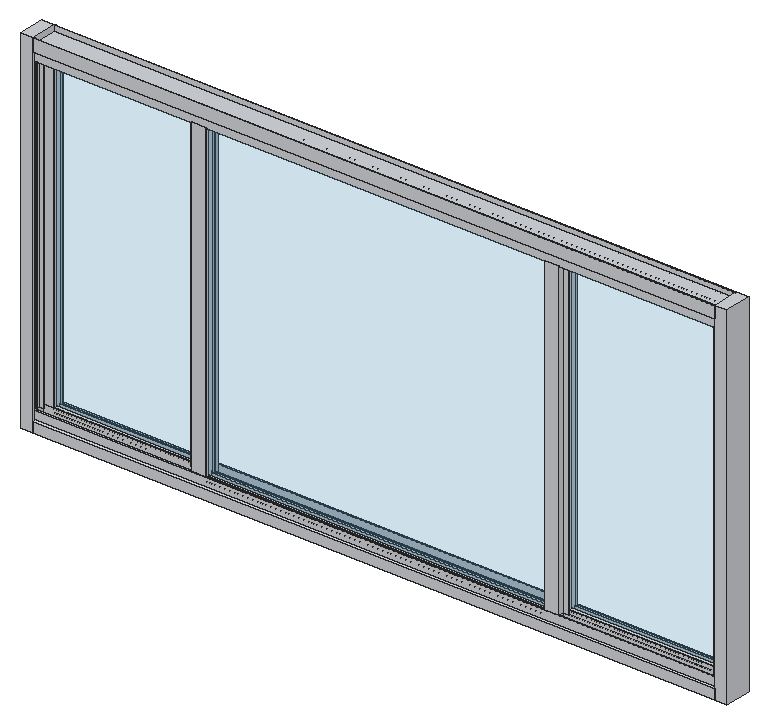
Revit family "MT-VMS_DB-SG_XOX", category Windows, host Wall, Revit 2017 (continued)
Definition of nested family "VMS_DB-SG_XOX_101mm"
  Definition of nested family "AS1C CAVITY MAIN FRAME"
    Lines and regions (mm)
      model lines, in view "Ref. Level"
        curve 100: line (-14.6, -60.059, 0) -> (-12.278, -60.682, 0)
        curve 101: line (-11.9, -60.392, 0) -> (-11.9, -59.136, 0)
        curve 102: line (-10.966, -58.138, 0) -> (-9.974, -58.072, 0)
        curve 103: line (-9.572, -58.608, 0) -> (-10.388, -60.85, 0)
        curve 104: line (-10.184, -61.243, 0) -> (-4.084, -62.877, 0)
        curve 105: line (-3.605, -62.354, 0) -> (-4.976, -58.587, 0)
        curve 106: line (-4.496, -58.064, 0) -> (-2.4, -58.625, 0)
        curve 107: line (-2.4, -58.625, 0) -> (-2.4, -60.2, 0)
        curve 108: line (-2.4, -60.2, 0) -> (0, -60.2, 0)
        curve 109: line (0, -60.2, 0) -> (0, -101.6, 0)
        curve 110: line (0, -101.6, 0) -> (-44.4, -101.6, 0)
        curve 111: line (-44.4, -101.6, 0) -> (-44.4, -96.4, 0)
        curve 112: line (-44.148, -96.207, 0) -> (-42.7, -96.595, 0)
        curve 113: line (-42.7, -96.595, 0) -> (-42.7, -93.6, 0)
        curve 114: line (-41.2, -93.6, 0) -> (-41.2, -98.3, 0)
        curve 115: line (-39.7, -99.8, 0) -> (-3.8, -99.8, 0)
        curve 116: line (-2.3, -98.3, 0) -> (-2.3, -93.15, 0)
        curve 117: line (-2.7, -92.75, 0) -> (-6.1, -92.75, 0)
        curve 118: line (-7.3, -91.55, 0) -> (-7.3, -91.265, 0)
        curve 119: line (-4.801, -91.049, 0) -> (-4.45, -91.4, 0)
        curve 120: line (-4.45, -91.4, 0) -> (-4.099, -91.049, 0)
        curve 121: line (-2.764, -90.278, 0) -> (-2.285, -90.15, 0)
        curve 122: line (-2.285, -90.15, 0) -> (-2.413, -89.671, 0)
        curve 123: line (-2.413, -88.129, 0) -> (-2.285, -87.65, 0)
        curve 124: line (-2.285, -87.65, 0) -> (-2.764, -87.522, 0)
        curve 125: line (-4.099, -86.751, 0) -> (-4.45, -86.4, 0)
        curve 126: line (-4.45, -86.4, 0) -> (-4.801, -86.751, 0)
        curve 127: line (-7.3, -86.535, 0) -> (-7.3, -86.25, 0)
        curve 128: line (-6.1, -85.05, 0) -> (-2.5, -85.05, 0)
        curve 129: line (-2.1, -84.65, 0) -> (-2.1, -80.4, 0)
        curve 130: line (-2.1, -80.4, 0) -> (-2.4, -80.4, 0)
        curve 131: line (-2.4, -80.4, 0) -> (-2.4, -67.3, 0)
        curve 132: line (-2.4, -67.3, 0) -> (-2.1, -67.3, 0)
        curve 133: line (-2.1, -67.3, 0) -> (-2.1, -66.37, 0)
        curve 134: line (-3.36, -64.728, 0) -> (-19.936, -60.286, 0)
        curve 135: line (-20.9, -59.03, 0) -> (-20.9, -50.8, 0)
        curve 136: line (-20.9, -50.8, 0) -> (-20.9, -42.57, 0)
        curve 137: line (-19.936, -41.314, 0) -> (-3.36, -36.872, 0)
        curve 138: line (-2.1, -35.23, 0) -> (-2.1, -34.3, 0)
        curve 139: line (-2.1, -34.3, 0) -> (-2.4, -34.3, 0)
        curve 140: line (-2.4, -34.3, 0) -> (-2.4, -21.2, 0)
        curve 141: line (-2.4, -21.2, 0) -> (-2.1, -21.2, 0)
        curve 142: line (-2.1, -21.2, 0) -> (-2.1, -17.35, 0)
        curve 143: line (-2.9, -16.55, 0) -> (-6.1, -16.55, 0)
        curve 144: line (-7.3, -15.35, 0) -> (-7.3, -15.065, 0)
        curve 145: line (-4.801, -14.849, 0) -> (-4.45, -15.2, 0)
        curve 146: line (-4.45, -15.2, 0) -> (-4.099, -14.849, 0)
        curve 147: line (-2.764, -14.078, 0) -> (-2.285, -13.95, 0)
        curve 148: line (-2.285, -13.95, 0) -> (-2.413, -13.471, 0)
        curve 149: line (-2.413, -11.929, 0) -> (-2.285, -11.45, 0)
        curve 150: line (-2.285, -11.45, 0) -> (-2.764, -11.322, 0)
        curve 151: arc (-2.764, -11.322, 0) -> (-2.882, -11.273, 0) -> (-2.984, -11.197, 0) r 0.5
  Definition of nested family "VMS_VM8_HEAD DETAIL_FINE"
    Reference planes
      plane 1 "Center (Front/Back)": y = 0
      plane 2: z = 0
      plane 3 "Center (Left/Right)": x = 0
    Lines and regions (mm)
      model lines, in view "Ref. Level"
        curve 1: arc (50, -27.1, 0) -> (49.414, -25.686, 0) -> (48, -25.1, 0) r 2
        curve 2: arc (3.8, -25.1, 0) -> (2.386, -25.686, 0) -> (1.8, -27.1, 0) r 2
        curve 3: arc (1.8, -41.8, 0) -> (2.034, -42.366, 0) -> (2.6, -42.6, 0) r 0.8
        curve 4: arc (8.71, -42.6, 0) -> (8.973, -42.444, 0) -> (8.963, -42.139, 0) r 0.3
        curve 5: arc (8.963, -42.139, 0) -> (8.438, -39.576, 0) -> (9.754, -37.315, 0) r 3.67
        curve 6: arc (9.754, -37.315, 0) -> (11.002, -37.382, 0) -> (11.067, -38.629, 0) r 0.934
        curve 7: arc (11.067, -38.629, 0) -> (10.819, -39.017, 0) -> (10.661, -39.448, 0) r 2.1
        curve 8: arc (10.661, -40.452, 0) -> (10.881, -41, 0) -> (11.246, -41.465, 0) r 2.1
        curve 9: arc (12.115, -41.967, 0) -> (12.7, -42.05, 0) -> (13.285, -41.967, 0) r 2.1
        curve 10: arc (14.154, -41.465, 0) -> (14.519, -41, 0) -> (14.739, -40.452, 0) r 2.1
        curve 11: arc (14.739, -39.448, 0) -> (14.581, -39.017, 0) -> (14.333, -38.629, 0) r 2.1
        curve 12: arc (14.333, -38.629, 0) -> (14.398, -37.382, 0) -> (15.646, -37.315, 0) r 0.934
        curve 13: arc (15.646, -37.315, 0) -> (16.962, -39.576, 0) -> (16.437, -42.139, 0) r 3.67
        curve 14: arc (16.437, -42.139, 0) -> (16.427, -42.444, 0) -> (16.69, -42.6, 0) r 0.3
        curve 15: arc (19.8, -42.6, 0) -> (20.012, -42.688, 0) -> (20.1, -42.9, 0) r 0.3
        curve 16: arc (20.1, -67.7, 0) -> (20.012, -67.912, 0) -> (19.8, -68, 0) r 0.3
        curve 17: arc (18.6, -68, 0) -> (18.388, -67.912, 0) -> (18.3, -67.7, 0) r 0.3
        curve 18: arc (0.5, -44.4, 0) -> (0.146, -44.254, 0) -> (0, -43.9, 0) r 0.5
        curve 19: arc (0, -0.5, 0) -> (0.146, -0.146, 0) -> (0.5, 0, 0) r 0.5
        curve 20: arc (5.2, 0, 0) -> (5.359, -0.078, 0) -> (5.393, -0.252, 0) r 0.2
        curve 21: arc (8, -1.7, 0) -> (8.75, -2.45, 0) -> (8, -3.2, 0) r 0.75
        curve 22: arc (2.6, -3.2, 0) -> (2.034, -3.434, 0) -> (1.8, -4, 0) r 0.8
        curve 23: arc (1.8, -23, 0) -> (1.888, -23.212, 0) -> (2.1, -23.3, 0) r 0.3
        curve 24: arc (49.241, -23.3, 0) -> (49.391, -23.26, 0) -> (49.501, -23.15, 0) r 0.3
        curve 25: arc (49.501, -23.15, 0) -> (49.761, -23, 0) -> (50.021, -23.15, 0) r 0.3
        curve 26: arc (50.021, -23.15, 0) -> (50.28, -23.3, 0) -> (50.54, -23.15, 0) r 0.3
        curve 27: arc (50.54, -23.15, 0) -> (50.8, -23, 0) -> (51.06, -23.15, 0) r 0.3
        curve 28: arc (51.06, -23.15, 0) -> (51.32, -23.3, 0) -> (51.579, -23.15, 0) r 0.3
        curve 29: arc (51.579, -23.15, 0) -> (51.839, -23, 0) -> (52.099, -23.15, 0) r 0.3
        curve 30: arc (52.099, -23.15, 0) -> (52.209, -23.26, 0) -> (52.359, -23.3, 0) r 0.3
        curve 31: arc (99.5, -23.3, 0) -> (99.712, -23.212, 0) -> (99.8, -23, 0) r 0.3
        curve 32: arc (99.8, -4, 0) -> (99.566, -3.434, 0) -> (99, -3.2, 0) r 0.8
        curve 33: arc (93.6, -3.2, 0) -> (92.85, -2.45, 0) -> (93.6, -1.7, 0) r 0.75
        curve 34: arc (96.207, -0.252, 0) -> (96.241, -0.078, 0) -> (96.4, 0, 0) r 0.2
        curve 35: arc (101.1, 0, 0) -> (101.454, -0.146, 0) -> (101.6, -0.5, 0) r 0.5
        curve 36: arc (101.6, -43.9, 0) -> (101.454, -44.254, 0) -> (101.1, -44.4, 0) r 0.5
        curve 37: arc (83.3, -67.7, 0) -> (83.212, -67.912, 0) -> (83, -68, 0) r 0.3
        curve 38: arc (81.8, -68, 0) -> (81.588, -67.912, 0) -> (81.5, -67.7, 0) r 0.3
        curve 39: arc (81.5, -42.9, 0) -> (81.588, -42.688, 0) -> (81.8, -42.6, 0) r 0.3
        curve 40: arc (84.91, -42.6, 0) -> (85.173, -42.444, 0) -> (85.163, -42.139, 0) r 0.3
        curve 41: arc (85.163, -42.139, 0) -> (84.638, -39.576, 0) -> (85.954, -37.315, 0) r 3.67
        curve 42: arc (85.954, -37.315, 0) -> (87.202, -37.382, 0) -> (87.267, -38.629, 0) r 0.934
        curve 43: arc (87.267, -38.629, 0) -> (87.019, -39.017, 0) -> (86.861, -39.448, 0) r 2.1
        curve 44: arc (86.861, -40.452, 0) -> (87.081, -41, 0) -> (87.446, -41.465, 0) r 2.1
        curve 45: arc (88.315, -41.967, 0) -> (88.9, -42.05, 0) -> (89.485, -41.967, 0) r 2.1
        curve 46: arc (90.354, -41.465, 0) -> (90.719, -41, 0) -> (90.939, -40.452, 0) r 2.1
        curve 47: arc (90.939, -39.448, 0) -> (90.781, -39.017, 0) -> (90.533, -38.629, 0) r 2.1
        curve 48: arc (90.533, -38.629, 0) -> (90.598, -37.382, 0) -> (91.846, -37.315, 0) r 0.934
        curve 49: arc (91.846, -37.315, 0) -> (93.162, -39.576, 0) -> (92.637, -42.139, 0) r 3.67
        curve 50: arc (92.637, -42.139, 0) -> (92.627, -42.444, 0) -> (92.89, -42.6, 0) r 0.3
        curve 51: arc (99, -42.6, 0) -> (99.566, -42.366, 0) -> (99.8, -41.8, 0) r 0.8
        curve 52: arc (99.8, -27.1, 0) -> (99.214, -25.686, 0) -> (97.8, -25.1, 0) r 2
        curve 53: arc (53.6, -25.1, 0) -> (52.186, -25.686, 0) -> (51.6, -27.1, 0) r 2
        curve 54: arc (51.6, -67.7, 0) -> (51.512, -67.912, 0) -> (51.3, -68, 0) r 0.3
        curve 55: line (50, -67.7, 0) -> (50, -27.1, 0)
        curve 56: line (48, -25.1, 0) -> (3.8, -25.1, 0)
        curve 57: line (1.8, -27.1, 0) -> (1.8, -41.8, 0)
        curve 58: line (2.6, -42.6, 0) -> (8.71, -42.6, 0)
        curve 59: line (10.608, -39.542, 0) -> (10.2, -39.95, 0)
        curve 60: line (10.2, -39.95, 0) -> (10.608, -40.358, 0)
        curve 61: line (11.301, -41.558, 0) -> (11.45, -42.115, 0)
        curve 62: line (11.45, -42.115, 0) -> (12.007, -41.966, 0)
        curve 63: line (13.393, -41.966, 0) -> (13.95, -42.115, 0)
        curve 64: line (13.95, -42.115, 0) -> (14.099, -41.558, 0)
        curve 65: line (14.792, -40.358, 0) -> (15.2, -39.95, 0)
        curve 66: line (15.2, -39.95, 0) -> (14.792, -39.542, 0)
        curve 67: line (16.69, -42.6, 0) -> (19.8, -42.6, 0)
        curve 68: line (20.1, -42.9, 0) -> (20.1, -67.7, 0)
        curve 69: line (19.8, -68, 0) -> (18.6, -68, 0)
        curve 70: line (18.3, -67.7, 0) -> (18.3, -44.4, 0)
        curve 71: line (18.3, -44.4, 0) -> (0.5, -44.4, 0)
        curve 72: line (0, -43.9, 0) -> (0, -0.5, 0)
        curve 73: line (0.5, 0, 0) -> (5.2, 0, 0)
        curve 74: line (5.393, -0.252, 0) -> (5.005, -1.7, 0)
        curve 75: line (5.005, -1.7, 0) -> (8, -1.7, 0)
        curve 76: line (8, -3.2, 0) -> (2.6, -3.2, 0)
        curve 77: line (1.8, -4, 0) -> (1.8, -23, 0)
        curve 78: line (2.1, -23.3, 0) -> (49.241, -23.3, 0)
        curve 79: line (52.359, -23.3, 0) -> (99.5, -23.3, 0)
        curve 80: line (99.8, -23, 0) -> (99.8, -4, 0)
        curve 81: line (99, -3.2, 0) -> (93.6, -3.2, 0)
        curve 82: line (93.6, -1.7, 0) -> (96.595, -1.7, 0)
        curve 83: line (96.595, -1.7, 0) -> (96.207, -0.252, 0)
        curve 84: line (96.4, 0, 0) -> (101.1, 0, 0)
        curve 85: line (101.6, -0.5, 0) -> (101.6, -43.9, 0)
        curve 86: line (101.1, -44.4, 0) -> (83.3, -44.4, 0)
        curve 87: line (83.3, -44.4, 0) -> (83.3, -67.7, 0)
        curve 88: line (83, -68, 0) -> (81.8, -68, 0)
        curve 89: line (81.5, -67.7, 0) -> (81.5, -42.9, 0)
        curve 90: line (81.8, -42.6, 0) -> (84.91, -42.6, 0)
        curve 91: line (86.808, -39.542, 0) -> (86.4, -39.95, 0)
        curve 92: line (86.4, -39.95, 0) -> (86.808, -40.358, 0)
        curve 93: line (87.501, -41.558, 0) -> (87.65, -42.115, 0)
        curve 94: line (87.65, -42.115, 0) -> (88.207, -41.966, 0)
        curve 95: line (89.593, -41.966, 0) -> (90.15, -42.115, 0)
        curve 96: line (90.15, -42.115, 0) -> (90.299, -41.558, 0)
        curve 97: line (90.992, -40.358, 0) -> (91.4, -39.95, 0)
        curve 98: line (91.4, -39.95, 0) -> (90.992, -39.542, 0)
        curve 99: line (92.89, -42.6, 0) -> (99, -42.6, 0)
        curve 100: line (99.8, -41.8, 0) -> (99.8, -27.1, 0)
        curve 101: line (97.8, -25.1, 0) -> (53.6, -25.1, 0)
        curve 102: line (51.6, -27.1, 0) -> (51.6, -67.7, 0)
        curve 103: line (51.3, -68, 0) -> (50.3, -68, 0)
        curve 104: arc (50.3, -68, 0) -> (50.088, -67.912, 0) -> (50, -67.7, 0) r 0.3
  Definition of nested family "VMS_VM10_BOT DETAIL_FINE"
    Reference planes
      plane 1 "Center (Front/Back)": y = 0
      plane 2: z = 0
      plane 3 "Center (Left/Right)": x = 0
    Lines and regions (mm)
      model lines, in view "Ref. Level"
        curve 1: arc (84.669, 36.544, 0) -> (84.729, 36.675, 0) -> (84.75, 36.817, 0) r 0.5
        curve 2: arc (84.75, 42.2, 0) -> (84.662, 42.412, 0) -> (84.45, 42.5, 0) r 0.3
        curve 3: arc (83.13, 42.5, 0) -> (82.918, 42.412, 0) -> (82.83, 42.2, 0) r 0.3
        curve 4: arc (82.83, 41.74, 0) -> (82.391, 40.679, 0) -> (81.33, 40.24, 0) r 1.5
        curve 5: arc (70.15, 40.24, 0) -> (69.089, 40.679, 0) -> (68.65, 41.74, 0) r 1.5
        curve 6: arc (68.65, 41.97, 0) -> (68.562, 42.182, 0) -> (68.35, 42.27, 0) r 0.3
        curve 7: arc (64.15, 42.27, 0) -> (63.938, 42.182, 0) -> (63.85, 41.97, 0) r 0.3
        curve 8: arc (63.85, 41.74, 0) -> (63.411, 40.679, 0) -> (62.35, 40.24, 0) r 1.5
        curve 9: arc (38.65, 40.24, 0) -> (37.589, 40.679, 0) -> (37.15, 41.74, 0) r 1.5
        curve 10: arc (37.15, 41.97, 0) -> (37.062, 42.182, 0) -> (36.85, 42.27, 0) r 0.3
        curve 11: arc (32.65, 42.27, 0) -> (32.438, 42.182, 0) -> (32.35, 41.97, 0) r 0.3
        curve 12: arc (32.35, 41.74, 0) -> (31.911, 40.679, 0) -> (30.85, 40.24, 0) r 1.5
        curve 13: arc (19.67, 40.24, 0) -> (18.609, 40.679, 0) -> (18.17, 41.74, 0) r 1.5
        curve 14: arc (18.17, 42.2, 0) -> (18.082, 42.412, 0) -> (17.87, 42.5, 0) r 0.3
        curve 15: arc (16.55, 42.5, 0) -> (16.338, 42.412, 0) -> (16.25, 42.2, 0) r 0.3
        curve 16: arc (16.25, 38, 0) -> (15.899, 37.151, 0) -> (15.05, 36.8, 0) r 1.2
        curve 17: arc (14.765, 36.8, 0) -> (13.917, 37.335, 0) -> (14.034, 38.331, 0) r 0.94
        curve 18: arc (14.034, 38.331, 0) -> (14.266, 38.686, 0) -> (14.421, 39.081, 0) r 2.1
        curve 19: arc (14.421, 39.081, 0) -> (14.471, 39.198, 0) -> (14.549, 39.299, 0) r 0.5
        curve 20: arc (14.549, 40.001, 0) -> (14.471, 40.102, 0) -> (14.421, 40.219, 0) r 0.5
        curve 21: arc (14.421, 40.219, 0) -> (14.219, 40.7, 0) -> (13.903, 41.116, 0) r 2.1
        curve 22: arc (13.903, 41.116, 0) -> (13.827, 41.218, 0) -> (13.778, 41.336, 0) r 0.5
        curve 23: arc (13.171, 41.687, 0) -> (13.045, 41.67, 0) -> (12.918, 41.685, 0) r 0.5
        curve 24: arc (12.918, 41.685, 0) -> (12.4, 41.75, 0) -> (11.882, 41.685, 0) r 2.1
        curve 25: arc (11.882, 41.685, 0) -> (11.755, 41.67, 0) -> (11.629, 41.687, 0) r 0.5
        curve 26: arc (11.022, 41.336, 0) -> (10.973, 41.218, 0) -> (10.897, 41.116, 0) r 0.5
        curve 27: arc (10.897, 41.116, 0) -> (10.581, 40.7, 0) -> (10.379, 40.219, 0) r 2.1
        curve 28: arc (10.379, 40.219, 0) -> (10.329, 40.102, 0) -> (10.251, 40.001, 0) r 0.5
        curve 29: arc (10.251, 39.299, 0) -> (10.329, 39.198, 0) -> (10.379, 39.081, 0) r 0.5
        curve 30: arc (10.379, 39.081, 0) -> (10.534, 38.686, 0) -> (10.766, 38.331, 0) r 2.1
        curve 31: arc (10.766, 38.331, 0) -> (10.883, 37.335, 0) -> (10.035, 36.8, 0) r 0.94
        curve 32: arc (9.75, 36.8, 0) -> (8.901, 37.151, 0) -> (8.55, 38, 0) r 1.2
        curve 33: arc (8.55, 41.7, 0) -> (8.316, 42.266, 0) -> (7.75, 42.5, 0) r 0.8
        curve 34: arc (1.8, 42.5, 0) -> (1.446, 42.354, 0) -> (1.3, 42, 0) r 0.5
        curve 35: arc (1.3, 22.335, 0) -> (1.535, 21.911, 0) -> (2.019, 21.885, 0) r 0.5
        curve 36: arc (2.019, 21.885, 0) -> (5.322, 21.516, 0) -> (6.393, 18.369, 0) r 3.1
        curve 37: arc (6.393, 18.369, 0) -> (6.393, 18.133, 0) -> (6.502, 17.923, 0) r 0.5
        curve 38: arc (6.502, 17.923, 0) -> (6.849, 17.341, 0) -> (6.97, 16.674, 0) r 1.9
        curve 39: arc (6.97, 8.83, 0) -> (7.116, 8.476, 0) -> (7.47, 8.33, 0) r 0.5
        curve 40: arc (21.11, 8.33, 0) -> (21.292, 8.392, 0) -> (21.4, 8.552, 0) r 0.3
        curve 41: arc (25.348, 23.288, 0) -> (25.884, 24.09, 0) -> (26.797, 24.4, 0) r 1.5
        curve 42: arc (76.492, 24.4, 0) -> (76.731, 24.46, 0) -> (76.911, 24.627, 0) r 0.5
        curve 43: arc (95.907, -0.048, 0) -> (95.941, -0.222, 0) -> (96.1, -0.3, 0) r 0.2
        curve 44: arc (101, -0.3, 0) -> (101.212, -0.212, 0) -> (101.3, 0, 0) r 0.3
        curve 45: arc (101.3, 43.6, 0) -> (101.154, 43.954, 0) -> (100.8, 44.1, 0) r 0.5
        curve 46: arc (83.3, 44.1, 0) -> (82.946, 44.246, 0) -> (82.8, 44.6, 0) r 0.5
        curve 47: arc (82.8, 66.2, 0) -> (82.654, 66.554, 0) -> (82.3, 66.7, 0) r 0.5
        curve 48: arc (81.5, 66.7, 0) -> (81.288, 66.612, 0) -> (81.2, 66.4, 0) r 0.3
        curve 49: arc (81.2, 42.14, 0) -> (81.112, 41.928, 0) -> (80.9, 41.84, 0) r 0.3
        curve 50: arc (70.55, 41.84, 0) -> (70.338, 41.928, 0) -> (70.25, 42.14, 0) r 0.3
        curve 51: arc (70.25, 42.827, 0) -> (70.139, 43.142, 0) -> (69.854, 43.317, 0) r 0.5
        curve 52: arc (62.646, 43.317, 0) -> (62.361, 43.142, 0) -> (62.25, 42.827, 0) r 0.5
        curve 53: arc (62.25, 42.14, 0) -> (62.162, 41.928, 0) -> (61.95, 41.84, 0) r 0.3
        curve 54: arc (51.6, 41.84, 0) -> (51.388, 41.928, 0) -> (51.3, 42.14, 0) r 0.3
        curve 55: arc (51.3, 66.4, 0) -> (51.212, 66.612, 0) -> (51, 66.7, 0) r 0.3
        curve 56: arc (50, 66.7, 0) -> (49.788, 66.612, 0) -> (49.7, 66.4, 0) r 0.3
        curve 57: arc (49.7, 42.14, 0) -> (49.612, 41.928, 0) -> (49.4, 41.84, 0) r 0.3
        curve 58: arc (39.05, 41.84, 0) -> (38.838, 41.928, 0) -> (38.75, 42.14, 0) r 0.3
        curve 59: arc (38.75, 42.827, 0) -> (38.639, 43.142, 0) -> (38.354, 43.317, 0) r 0.5
        curve 60: arc (31.146, 43.317, 0) -> (30.861, 43.142, 0) -> (30.75, 42.827, 0) r 0.5
        curve 61: arc (30.75, 42.14, 0) -> (30.662, 41.928, 0) -> (30.45, 41.84, 0) r 0.3
        curve 62: arc (20.1, 41.84, 0) -> (19.888, 41.928, 0) -> (19.8, 42.14, 0) r 0.3
        curve 63: arc (19.8, 66.4, 0) -> (19.712, 66.612, 0) -> (19.5, 66.7, 0) r 0.3
        curve 64: arc (18.7, 66.7, 0) -> (18.346, 66.554, 0) -> (18.2, 66.2, 0) r 0.5
        curve 65: arc (18.2, 44.6, 0) -> (18.054, 44.246, 0) -> (17.7, 44.1, 0) r 0.5
        curve 66: arc (0.2, 44.1, 0) -> (-0.154, 43.954, 0) -> (-0.3, 43.6, 0) r 0.5
        curve 67: arc (-0.297, 18.697, 0) -> (0.145, 17.357, 0) -> (1.08, 16.3, 0) r 3.5
        curve 68: arc (1.58, 16.3, 0) -> (2.146, 16.534, 0) -> (2.38, 17.1, 0) r 0.8
        curve 69: arc (2.38, 17.982, 0) -> (3.38, 20.6, 0) -> (4.38, 17.982, 0) r 1.5
        curve 70: arc (4.38, 17.13, 0) -> (4.555, 16.858, 0) -> (4.875, 16.902, 0) r 0.3
        curve 71: arc (4.875, 16.902, 0) -> (5.195, 16.947, 0) -> (5.37, 16.674, 0) r 0.3
        curve 72: arc (5.07, 8.85, 0) -> (4.57, 8.35, 0) -> (5.07, 7.85, 0) r 0.5
        curve 73: arc (5.187, 7.85, 0) -> (5.372, 7.727, 0) -> (5.329, 7.509, 0) r 0.2
        curve 74: arc (-0.154, 2.026, 0) -> (-0.262, 1.864, 0) -> (-0.3, 1.673, 0) r 0.5
        curve 75: arc (-0.3, 0, 0) -> (-0.212, -0.212, 0) -> (0, -0.3, 0) r 0.3
        curve 76: arc (4.9, -0.3, 0) -> (5.059, -0.222, 0) -> (5.093, -0.048, 0) r 0.2
        curve 77: arc (7.7, 1.4, 0) -> (8.45, 2.15, 0) -> (7.7, 2.9, 0) r 0.75
        curve 78: arc (3.707, 2.9, 0) -> (3.43, 3.085, 0) -> (3.495, 3.412, 0) r 0.3
        curve 79: arc (6.725, 6.642, 0) -> (6.822, 6.707, 0) -> (6.937, 6.73, 0) r 0.3
        curve 80: arc (21.417, 6.73, 0) -> (22.33, 7.04, 0) -> (22.866, 7.842, 0) r 1.5
        curve 81: arc (26.814, 22.578, 0) -> (26.921, 22.738, 0) -> (27.104, 22.8, 0) r 0.3
        curve 82: arc (76.818, 22.8, 0) -> (77.533, 22.981, 0) -> (78.075, 23.482, 0) r 1.5
        curve 83: arc (87.023, 37.227, 0) -> (87.174, 37.788, 0) -> (86.966, 38.331, 0) r 0.94
        curve 84: arc (86.966, 38.331, 0) -> (86.734, 38.686, 0) -> (86.579, 39.081, 0) r 2.1
        curve 85: arc (86.579, 39.081, 0) -> (86.529, 39.198, 0) -> (86.451, 39.299, 0) r 0.5
        curve 86: arc (86.451, 40.001, 0) -> (86.529, 40.102, 0) -> (86.579, 40.219, 0) r 0.5
        curve 87: arc (86.579, 40.219, 0) -> (86.781, 40.7, 0) -> (87.097, 41.116, 0) r 2.1
        curve 88: arc (87.097, 41.116, 0) -> (87.173, 41.218, 0) -> (87.222, 41.336, 0) r 0.5
        curve 89: arc (87.829, 41.687, 0) -> (87.955, 41.67, 0) -> (88.082, 41.685, 0) r 0.5
        curve 90: arc (88.082, 41.685, 0) -> (88.6, 41.75, 0) -> (89.118, 41.685, 0) r 2.1
        curve 91: arc (89.118, 41.685, 0) -> (89.245, 41.67, 0) -> (89.371, 41.687, 0) r 0.5
        curve 92: arc (89.978, 41.336, 0) -> (90.027, 41.218, 0) -> (90.103, 41.116, 0) r 0.5
        curve 93: arc (90.103, 41.116, 0) -> (90.419, 40.7, 0) -> (90.621, 40.219, 0) r 2.1
        curve 94: arc (90.621, 40.219, 0) -> (90.671, 40.102, 0) -> (90.749, 40.001, 0) r 0.5
        curve 95: arc (90.749, 39.299, 0) -> (90.671, 39.198, 0) -> (90.621, 39.081, 0) r 0.5
        curve 96: arc (90.621, 39.081, 0) -> (90.466, 38.686, 0) -> (90.234, 38.331, 0) r 2.1
        curve 97: arc (90.234, 38.331, 0) -> (90.117, 37.335, 0) -> (90.965, 36.8, 0) r 0.94
        curve 98: arc (91.25, 36.8, 0) -> (92.099, 37.151, 0) -> (92.45, 38, 0) r 1.2
        curve 99: arc (92.45, 41.7, 0) -> (92.684, 42.266, 0) -> (93.25, 42.5, 0) r 0.8
        curve 100: arc (98.2, 42.5, 0) -> (99.261, 42.061, 0) -> (99.7, 41, 0) r 1.5
        curve 101: arc (99.7, 1.8, 0) -> (99.554, 1.446, 0) -> (99.2, 1.3, 0) r 0.5
        curve 102: arc (98.358, 1.3, 0) -> (98.042, 1.413, 0) -> (97.868, 1.7, 0) r 0.5
        curve 103: arc (97.868, 1.7, 0) -> (97.347, 2.562, 0) -> (96.398, 2.9, 0) r 1.5
        curve 104: arc (93.3, 2.9, 0) -> (92.55, 2.15, 0) -> (93.3, 1.4, 0) r 0.75
        curve 105: line (84.75, 36.817, 0) -> (84.75, 42.2, 0)
        curve 106: line (84.45, 42.5, 0) -> (83.13, 42.5, 0)
        curve 107: line (82.83, 42.2, 0) -> (82.83, 41.74, 0)
        curve 108: line (81.33, 40.24, 0) -> (70.15, 40.24, 0)
        curve 109: line (68.65, 41.74, 0) -> (68.65, 41.97, 0)
        curve 110: line (68.35, 42.27, 0) -> (64.15, 42.27, 0)
        curve 111: line (63.85, 41.97, 0) -> (63.85, 41.74, 0)
        curve 112: line (62.35, 40.24, 0) -> (38.65, 40.24, 0)
        curve 113: line (37.15, 41.74, 0) -> (37.15, 41.97, 0)
        curve 114: line (36.85, 42.27, 0) -> (32.65, 42.27, 0)
        curve 115: line (32.35, 41.97, 0) -> (32.35, 41.74, 0)
        curve 116: line (30.85, 40.24, 0) -> (19.67, 40.24, 0)
        curve 117: line (18.17, 41.74, 0) -> (18.17, 42.2, 0)
        curve 118: line (17.87, 42.5, 0) -> (16.55, 42.5, 0)
        curve 119: line (16.25, 42.2, 0) -> (16.25, 38, 0)
        curve 120: line (15.05, 36.8, 0) -> (14.765, 36.8, 0)
        curve 121: line (14.549, 39.299, 0) -> (14.9, 39.65, 0)
        curve 122: line (14.9, 39.65, 0) -> (14.549, 40.001, 0)
        curve 123: line (13.778, 41.336, 0) -> (13.65, 41.815, 0)
        curve 124: line (13.65, 41.815, 0) -> (13.171, 41.687, 0)
        curve 125: line (11.629, 41.687, 0) -> (11.15, 41.815, 0)
        curve 126: line (11.15, 41.815, 0) -> (11.022, 41.336, 0)
        curve 127: line (10.251, 40.001, 0) -> (9.9, 39.65, 0)
        curve 128: line (9.9, 39.65, 0) -> (10.251, 39.299, 0)
        curve 129: line (10.035, 36.8, 0) -> (9.75, 36.8, 0)
        curve 130: line (8.55, 38, 0) -> (8.55, 41.7, 0)
        curve 131: line (7.75, 42.5, 0) -> (1.8, 42.5, 0)
        curve 132: line (1.3, 42, 0) -> (1.3, 22.335, 0)
        curve 133: line (6.97, 16.674, 0) -> (6.97, 8.83, 0)
        curve 134: line (7.47, 8.33, 0) -> (21.11, 8.33, 0)
        curve 135: line (21.4, 8.552, 0) -> (25.348, 23.288, 0)
        curve 136: line (26.797, 24.4, 0) -> (76.492, 24.4, 0)
        curve 137: line (76.911, 24.627, 0) -> (84.669, 36.544, 0)
        curve 138: line (96.1, -0.3, 0) -> (101, -0.3, 0)
        curve 139: line (101.3, 0, 0) -> (101.3, 43.6, 0)
        curve 140: line (100.8, 44.1, 0) -> (83.3, 44.1, 0)
        curve 141: line (82.8, 44.6, 0) -> (82.8, 66.2, 0)
        curve 142: line (82.3, 66.7, 0) -> (81.5, 66.7, 0)
        curve 143: line (81.2, 66.4, 0) -> (81.2, 42.14, 0)
        curve 144: line (80.9, 41.84, 0) -> (70.55, 41.84, 0)
        curve 145: line (70.25, 42.14, 0) -> (70.25, 42.827, 0)
        curve 146: line (69.854, 43.317, 0) -> (67.25, 43.87, 0)
        curve 147: line (67.25, 43.87, 0) -> (65.25, 43.87, 0)
        curve 148: line (65.25, 43.87, 0) -> (62.646, 43.317, 0)
        curve 149: line (62.25, 42.827, 0) -> (62.25, 42.14, 0)
        curve 150: line (61.95, 41.84, 0) -> (51.6, 41.84, 0)
        curve 151: line (51.3, 42.14, 0) -> (51.3, 66.4, 0)
        curve 152: line (51, 66.7, 0) -> (50, 66.7, 0)
        curve 153: line (49.7, 66.4, 0) -> (49.7, 42.14, 0)
        curve 154: line (49.4, 41.84, 0) -> (39.05, 41.84, 0)
        curve 155: line (38.75, 42.14, 0) -> (38.75, 42.827, 0)
        curve 156: line (38.354, 43.317, 0) -> (35.75, 43.87, 0)
        curve 157: line (35.75, 43.87, 0) -> (33.75, 43.87, 0)
        curve 158: line (33.75, 43.87, 0) -> (31.146, 43.317, 0)
        curve 159: line (30.75, 42.827, 0) -> (30.75, 42.14, 0)
        curve 160: line (30.45, 41.84, 0) -> (20.1, 41.84, 0)
        curve 161: line (19.8, 42.14, 0) -> (19.8, 66.4, 0)
        curve 162: line (19.5, 66.7, 0) -> (18.7, 66.7, 0)
        curve 163: line (18.2, 66.2, 0) -> (18.2, 44.6, 0)
        curve 164: line (17.7, 44.1, 0) -> (0.2, 44.1, 0)
        curve 165: line (-0.3, 43.6, 0) -> (-0.3, 18.754, 0)
        curve 166: line (1.08, 16.3, 0) -> (1.58, 16.3, 0)
        curve 167: line (2.38, 17.1, 0) -> (2.38, 17.982, 0)
        curve 168: line (4.38, 17.982, 0) -> (4.38, 17.13, 0)
        curve 169: line (5.37, 16.674, 0) -> (5.37, 12.4, 0)
        curve 170: line (5.37, 12.4, 0) -> (5.67, 12.1, 0)
        curve 171: line (5.67, 12.1, 0) -> (5.67, 11.6, 0)
        curve 172: line (5.67, 11.6, 0) -> (5.37, 11.3, 0)
        curve 173: line (5.37, 11.3, 0) -> (5.37, 8.85, 0)
        curve 174: line (5.37, 8.85, 0) -> (5.07, 8.85, 0)
        curve 175: line (5.329, 7.509, 0) -> (-0.154, 2.026, 0)
        curve 176: line (-0.3, 1.673, 0) -> (-0.3, 0, 0)
        curve 177: line (0, -0.3, 0) -> (4.9, -0.3, 0)
        curve 178: line (5.093, -0.048, 0) -> (4.705, 1.4, 0)
        curve 179: line (4.705, 1.4, 0) -> (7.7, 1.4, 0)
        curve 180: line (7.7, 2.9, 0) -> (3.707, 2.9, 0)
        curve 181: line (3.495, 3.412, 0) -> (6.725, 6.642, 0)
        curve 182: line (6.937, 6.73, 0) -> (21.417, 6.73, 0)
        curve 183: line (22.866, 7.842, 0) -> (26.814, 22.578, 0)
        curve 184: line (27.104, 22.8, 0) -> (76.818, 22.8, 0)
        curve 185: line (78.075, 23.482, 0) -> (87.023, 37.227, 0)
        curve 186: line (86.451, 39.299, 0) -> (86.1, 39.65, 0)
        curve 187: line (86.1, 39.65, 0) -> (86.451, 40.001, 0)
        curve 188: line (87.222, 41.336, 0) -> (87.35, 41.815, 0)
        curve 189: line (87.35, 41.815, 0) -> (87.829, 41.687, 0)
        curve 190: line (89.371, 41.687, 0) -> (89.85, 41.815, 0)
        curve 191: line (89.85, 41.815, 0) -> (89.978, 41.336, 0)
        curve 192: line (90.749, 40.001, 0) -> (91.1, 39.65, 0)
        curve 193: line (91.1, 39.65, 0) -> (90.749, 39.299, 0)
        curve 194: line (90.965, 36.8, 0) -> (91.25, 36.8, 0)
        curve 195: line (92.45, 38, 0) -> (92.45, 41.7, 0)
        curve 196: line (93.25, 42.5, 0) -> (98.2, 42.5, 0)
        curve 197: line (99.7, 41, 0) -> (99.7, 1.8, 0)
        curve 198: line (99.2, 1.3, 0) -> (98.358, 1.3, 0)
        curve 199: line (96.398, 2.9, 0) -> (93.3, 2.9, 0)
        curve 200: line (93.3, 1.4, 0) -> (96.295, 1.4, 0)
        curve 201: line (96.295, 1.4, 0) -> (95.907, -0.048, 0)
  Definition of nested family "VMS_VM8_HEAD DETAIL_MEDIUM"
    Reference planes
      plane 1 "Center (Front/Back)": y = 0
      plane 2: z = 0
      plane 3 "Center (Left/Right)": x = 0
    Lines and regions (mm)
      detail lines, in view "Ref. Level"
        curve 1: line (0, 0, 0) -> (0, -44, 0)
        curve 2: line (1.5, -23.5, 0) -> (99.8, -23.5, 0)
        curve 3: line (99.8, -23.5, 0) -> (99.8, 0, 0)
        curve 4: line (0, 0, 0) -> (1.5, 0, 0)
        curve 5: line (101.6, 0, 0) -> (101.6, -44, 0)
        curve 6: line (101.6, -44, 0) -> (83, -44, 0)
        curve 7: line (83, -44, 0) -> (83, -68, 0)
        curve 8: line (81.2, -68, 0) -> (81.2, -42.2, 0)
        curve 9: line (81.2, -42.2, 0) -> (99.8, -42.2, 0)
        curve 10: line (99.8, -42.2, 0) -> (99.8, -25.1, 0)
        curve 11: line (99.8, -25.1, 0) -> (51.3, -25.1, 0)
        curve 12: line (51.3, -25.1, 0) -> (51.3, -68, 0)
        curve 13: line (83, -68, 0) -> (81.2, -68, 0)
        curve 14: line (49.7, -68, 0) -> (49.7, -25.1, 0)
        curve 15: line (1.8, -25.1, 0) -> (1.8, -42.2, 0)
        curve 16: line (1.8, -42.2, 0) -> (19.8, -42.2, 0)
        curve 17: line (19.8, -42.2, 0) -> (19.8, -68, 0)
        curve 18: line (19.8, -68, 0) -> (18, -68, 0)
        curve 19: line (18, -68, 0) -> (18, -44, 0)
        curve 20: line (18, -44, 0) -> (0, -44, 0)
        curve 21: line (1.5, 0, 0) -> (1.5, -23.5, 0)
        curve 22: line (99.8, 0, 0) -> (101.6, 0, 0)
        curve 23: line (51.3, -68, 0) -> (49.7, -68, 0)
        curve 24: line (49.7, -25.1, 0) -> (1.8, -25.1, 0)
  Definition of nested family "VMS_VM10_BOT DETAIL_MEDIUM"
    Reference planes
      plane 1 "Center (Front/Back)": y = 0
      plane 2: z = 0
      plane 3 "Center (Left/Right)": x = 0
    Lines and regions (mm)
      detail lines, in view "Ref. Level"
        curve 1: line (100, 42.4, 0) -> (100, 19.696, 0)
        curve 2: line (100, 19.696, 0) -> (36.6, 19.696, 0)
        curve 3: line (36.6, 19.696, 0) -> (36.6, 15.948, 0)
        curve 4: line (36.6, 15.948, 0) -> (1.5, 15.948, 0)
        curve 5: line (1.5, 42.4, 0) -> (100, 42.4, 0)
        curve 6: line (1.5, 14.448, 0) -> (38, 14.448, 0)
        curve 7: line (38, 14.448, 0) -> (38, 18.196, 0)
        curve 8: line (38, 18.196, 0) -> (100, 18.196, 0)
        curve 9: line (101.6, 0, 0) -> (101.6, 44, 0)
        curve 10: line (83.4, 44, 0) -> (83.4, 67, 0)
        curve 11: line (83.4, 67, 0) -> (81.4, 67, 0)
        curve 12: line (81.4, 67, 0) -> (81.4, 44, 0)
        curve 13: line (101.6, 44, 0) -> (83.4, 44, 0)
        curve 14: line (51.5, 44, 0) -> (51.5, 67, 0)
        curve 15: line (51.5, 67, 0) -> (49.9, 67, 0)
        curve 16: line (49.9, 67, 0) -> (49.9, 44, 0)
        curve 17: line (49.9, 44, 0) -> (20, 44, 0)
        curve 18: line (20, 44, 0) -> (20, 67, 0)
        curve 19: line (20, 67, 0) -> (18, 67, 0)
        curve 20: line (18, 67, 0) -> (18, 44, 0)
        curve 21: line (0, 44, 0) -> (0, 0, 0)
        curve 22: line (0, 0, 0) -> (1.5, 0, 0)
        curve 23: line (1.5, 0, 0) -> (1.5, 14.448, 0)
        curve 24: line (1.5, 15.948, 0) -> (1.5, 42.4, 0)
        curve 25: line (101.6, 0, 0) -> (100, 0, 0)
        curve 26: line (100, 18.196, 0) -> (100, 0, 0)
        curve 27: line (18, 44, 0) -> (0, 44, 0)
        curve 28: line (81.4, 44, 0) -> (51.5, 44, 0)
Definition of nested family "WARNING TAG"
  Parameters (values of type "WARNING TAG")
    MAX.WIDTH [instance] = 0 mm
    MAX.HEIGHT = 1190 mm
  Reference planes
    plane 1: y = 0
    plane 2: x = 0
  Lines and regions (mm)
    detail lines
      curve 1: line (-31.904, 7.728, 0) -> (32.158, 7.728, 0)
      curve 2: line (-31.904, -1.959, 0) -> (-31.904, 7.728, 0)
      curve 3: line (32.158, -1.959, 0) -> (-31.904, -1.959, 0)
      curve 4: line (32.158, 7.728, 0) -> (32.158, -1.959, 0)
  Text (mm)
    label "Max.Width: 1200" at (-3.208, 1.264, 0), shows "MAX.WIDTH"
    label "Max.Height: 1190" at (3.026, 1.264, 0), shows "MAX.HEIGHT"
    text "x" at (0.137, 2.449, 0)
    text "Manufacture Maximum Recommended Panel Sizes:" at (0.137, 5.914, 0)
